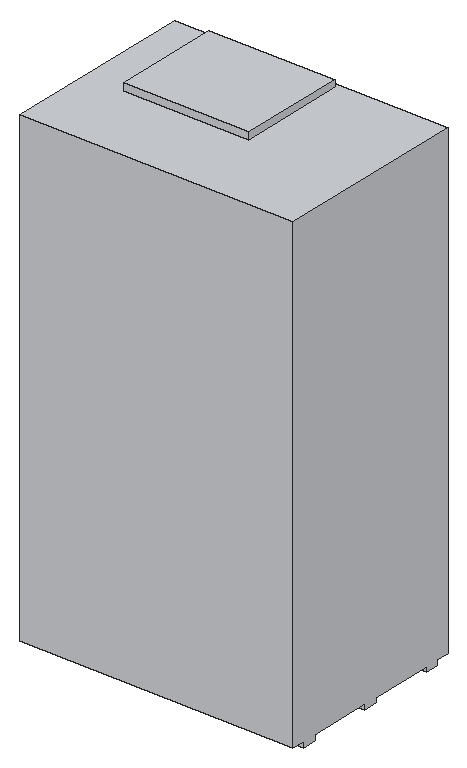
Revit family "b313adf197224071949bd9f50f8b36b5", category Mechanical Equipment, Revit 2021
Family settings
  Round Connector Dimension = Use Radius
  Part Type = Normal
  OmniClass Number = 23.75.10.21.17
  OmniClass Title = Water-Source Heat Pumps
  Seek Item ID = WSHP - Vertical - 6.5-10 Tons - Rear Return - Top Discharge-0000-USA-ENU
  Work Plane-Based = No
  Always vertical = Yes
  Cut with Voids When Loaded = No
  Shared = No
  Room Calculation Point = No
Parameters (values of type "10 Tons")
  Water Supply Radius = 3/4"
  Water Supply Diameter = Water Supply Radius * 2  # 1 1/2"
  Water Return Radius = 3/4"
  Water Return Diameter = Water Return Radius * 2  # 1 1/2"
  Water Pressure Drop [instance] = 13.30 psi
  Water Flow [instance] = 30 GPM
  Voltage = 460 V
  Supply Air Width = 18 205/256"
  Supply Air Height = 16 13/128"
  Return Air Width = 34 205/256"
  Return Air Height = 23 51/128"
  Pump Width = 2' - 5"
  Pump Material = none
  Pump Length = 3' - 5"
  Pump Height = 5' - 11 1/2"
  Number of Poles = 3
  Load Classification = Cooling
  Drain Flow [instance] = 0 GPM
  Default Elevation = 0' - 0"
  Condensate Radius = 1/2"
  Condensate Diameter = Condensate Radius * 2  # 1"
  C6 Offset 2 = 0' - 2 13/128"
  C6 Offset 1 = 0' - 1"
  C5 Offset 2 = 1' - 10 77/128"
  C5 Offset 1 = 0' - 3 13/128"
  C4 Offset 1 = 0' - 5 205/256"
  C3 Offset 1 = 1' - 2 1/2"
  C2 Offset 1 = 0' - 4"
  C1 Offset 2 = 1' - 8 1/2"
  C1 Offset 1 = 0' - 7 51/128"
  Apparent Load = 9890 VA
  External Static Pressure [instance] = 1.50 in-wg
  Air Flow [instance] = 4200 CFM
Types (4): name | Water Pressure Drop | Water Flow | Supply Air Width | Supply Air Height | C4 Offset 1 | Apparent Load | External Static Pressure | Air Flow
  (no name) | 13.30 psi | 30 GPM | 18 205/256" | 16 13/128" | 0' - 5 205/256" | 9890 VA | 1.50 in-wg | 4200 CFM
  6.5 Tons | 8.60 psi | 18 GPM | 14 179/256" | 15 205/256" | 0' - 11 51/256" | 6026 VA | 1.00 in-wg | 2600 CFM
  8.5 Tons | 10.10 psi | 24 GPM | 14 179/256" | 15 205/256" | 0' - 11 51/256" | 8970 VA | 1.50 in-wg | 3500 CFM
  10 Tons | 13.30 psi | 30 GPM | 18 205/256" | 16 13/128" | 0' - 5 205/256" | 9890 VA | 1.50 in-wg | 4200 CFM
Reference planes (in)
  plane 1 "Center (Front/Back)": y = 0
  plane 2: z = 0
  plane 3 "Center (Left/Right)": x = 0
  plane 4: x = 41
  plane 5: y = 29
  plane 6: z = 71.5
  plane 7: z = 0.75
  plane 8: y = 28.25
  plane 9: y = 12.14844
  plane 10: x = 5.80078
  plane 11: x = 24.60156
  plane 12: z = 72.5
  plane 13: z = 21.25
  plane 14: y = 4
  plane 15: y = 7.39844
  plane 16: y = 14.5
  plane 17: z = 2.85156
  plane 18: x = 40
  plane 19: x = -1
  plane 20: y = 14.5
  plane 21: y = 27
  plane 22: y = 25
  plane 23: y = 2
  plane 24: y = 4
  plane 25: y = 15.5
  plane 26: y = 13.5
  plane 27: z = 48.89844
  plane 28: z = 25.5
  plane 29: x = 2.10156
  plane 30: x = 36.90234
  plane 31: y = 30
Forms (in)
  Extrusion 1, solid, material <- "Pump Material"
    sketch origin (0, 0, 0) x (1, 0, 0) y (0, 1, 0)
      loop
        line (0, 29) -> (0, 0) -> (41, 0) -> (41, 29) -> (0, 29)
    from 0.75 to 71.5
  Extrusion 2, solid, material <- "Pump Material"
    sketch origin (0, 0, 0) x (1, 0, 0) y (0, 1, 0)
      loop
        line (5.80078, 28.25) -> (5.80078, 12.14844) -> (24.60156, 12.14844) -> (24.60156, 28.25) -> (5.80078, 28.25)
    from 71.5 to 72.5
  Extrusion 3, solid, material <- "Pump Material"
    sketch origin (0, 0, 0) x (0, 1, 0) y (0, 0, 1)
      loop
        circle (4, 21.25) r 0.75
    from -1 to 0
  Extrusion 4, solid, material <- "Pump Material"
    sketch origin (0, 0, 0) x (0, 1, 0) y (0, 0, 1)
      loop
        circle (7.39844, 21.25) r 0.75
    from -1 to 0
  Extrusion 5, solid, material <- "Pump Material"
    sketch origin (0, 0, 0) x (0, 1, 0) y (0, 0, 1)
      loop
        circle (14.5, 21.25) r 0.5
    from -1 to 0
  Extrusion 6, solid, material <- "Pump Material"
    sketch origin (0, 0, 0) x (1, 0, 0) y (0, 1, 0)
      loop
        line (0, 2) -> (41, 2) -> (41, 4) -> (0, 4) -> (0, 2)
    from 0 to 0.75
  Extrusion 7, solid, material <- "Pump Material"
    sketch origin (0, 0, 0) x (1, 0, 0) y (0, 1, 0)
      loop
        line (0, 27) -> (0, 25) -> (41, 25) -> (41, 27) -> (0, 27)
    from 0 to 0.75
  Extrusion 8, solid, material <- "Pump Material"
    sketch origin (0, 0, 0) x (1, 0, 0) y (0, 1, 0)
      loop
        line (0, 15.5) -> (0, 13.5) -> (41, 13.5) -> (41, 15.5) -> (0, 15.5)
    from 0 to 0.75
  Extrusion 9, solid, material <- "Pump Material"
    sketch origin (0, 0, 0) x (1, 0, 0) y (0, 0, 1)
      loop
        circle (40, 2.85156) r 0.5
    from -1 to 0
  Extrusion 10, solid, material <- "Pump Material"
    sketch origin (0, 0, 0) x (1, 0, 0) y (0, 0, 1)
      loop
        line (2.10156, 48.89844) -> (2.10156, 25.5) -> (36.90234, 25.5) -> (36.90234, 48.89844) -> (2.10156, 48.89844)
    from -30 to -29
Cuts and joins
  joined: Extrusion 1, Extrusion 2, Extrusion 3, Extrusion 4, Extrusion 5, Extrusion 6, Extrusion 7, Extrusion 8, Extrusion 9, Extrusion 10
Dimensions and locks (in)
  locked: plane 7 to level at 0.75
  "Pump Height": plane 6 to level
  "Pump Length": plane 3 "Center (Left/Right)" to plane 4
  "Pump Width": plane 5 to plane 1 "Center (Front/Back)"
  locked: plane 5 to plane 8 at 0.75
  "Supply Air Height": plane 8 to plane 9
  "C4 Offset 1": plane 3 "Center (Left/Right)" to plane 10
  "Supply Air Width": plane 10 to plane 11
  locked: plane 12 to plane 6 at 1
  "C1 Offset 2": plane 13 to plane 7
  "C2 Offset 1": plane 14 to plane 1 "Center (Front/Back)"
  "C1 Offset 1": plane 15 to plane 1 "Center (Front/Back)"
  "C3 Offset 1": plane 16 to plane 1 "Center (Front/Back)"
  "C6 Offset 2": plane 17 to plane 7
  "C6 Offset 1": plane 18 to plane 4
  locked: plane 19 to plane 3 "Center (Left/Right)" at 1
  equal spacing: plane 5, plane 20, plane 1 "Center (Front/Back)"
  locked: plane 5 to plane 21 at 2
  locked: plane 21 to plane 22 at 2
  locked: plane 23 to plane 24 at 2
  locked: plane 1 "Center (Front/Back)" to plane 23 at 2
  locked: plane 25 to plane 26 at 2
  equal spacing: plane 25, plane 20, plane 26
  "C5 Offset 2": plane 6 to plane 27
  "Return Air Height": plane 27 to plane 28
  "C5 Offset 1": plane 29 to plane 19
  "Return Air Width": plane 30 to plane 29
  locked: plane 31 to plane 5 at 1
  "Water Return Radius": radius of Extrusion 3 sketch curve
  "Water Supply Radius": radius of Extrusion 4 sketch curve
  "Condensate Radius": radius of Extrusion 5 sketch curve
  aligned and locked: plane 3 "Center (Left/Right)" to Extrusion 1 sketch curve
  aligned and locked: Extrusion 1 sketch curve to plane 5
  aligned and locked: plane 1 "Center (Front/Back)" to Extrusion 1 sketch curve
  aligned and locked: Extrusion 1 sketch curve to plane 4
  aligned and locked: Extrusion 1 to plane 7
  aligned and locked: plane 6 to Extrusion 1
  aligned and locked: plane 10 to Extrusion 2 sketch curve
  aligned and locked: Extrusion 2 sketch curve to plane 8
  aligned and locked: plane 9 to Extrusion 2 sketch curve
  aligned and locked: Extrusion 2 sketch curve to plane 11
  aligned and locked: plane 12 to Extrusion 2
  aligned and locked: Extrusion 2 to plane 6
  aligned and locked: plane 13 to Extrusion 3 sketch curve
  aligned and locked: plane 14 to Extrusion 3 sketch curve
  aligned and locked: plane 13 to Extrusion 4 sketch curve
  aligned and locked: plane 15 to Extrusion 4 sketch curve
  aligned and locked: plane 13 to Extrusion 5 sketch curve
  aligned and locked: plane 16 to Extrusion 5 sketch curve
  aligned and locked: Extrusion 3 to plane 19
  aligned and locked: plane 3 "Center (Left/Right)" to Extrusion 3
  aligned and locked: Extrusion 4 to Extrusion 3
  aligned and locked: plane 3 "Center (Left/Right)" to Extrusion 4
  aligned and locked: Extrusion 5 to Extrusion 3
  aligned and locked: plane 3 "Center (Left/Right)" to Extrusion 5
  aligned and locked: plane 3 "Center (Left/Right)" to Extrusion 6 sketch curve
  aligned and locked: plane 23 to Extrusion 6 sketch curve
  aligned and locked: plane 14 to Extrusion 6 sketch curve
  aligned and locked: plane 4 to Extrusion 6 sketch curve
  aligned and locked: plane 3 "Center (Left/Right)" to Extrusion 7 sketch curve
  aligned and locked: Extrusion 7 sketch curve to plane 21
  aligned and locked: plane 22 to Extrusion 7 sketch curve
  aligned and locked: Extrusion 7 sketch curve to plane 4
  aligned and locked: Extrusion 6 to Extrusion 1
  aligned and locked: Extrusion 6 to level
  aligned and locked: Extrusion 7 to Extrusion 1
  aligned and locked: Extrusion 7 to level
  aligned and locked: plane 3 "Center (Left/Right)" to Extrusion 8 sketch curve
  aligned and locked: Extrusion 8 sketch curve to plane 25
  aligned and locked: plane 26 to Extrusion 8 sketch curve
  aligned and locked: Extrusion 8 sketch curve to Extrusion 1
  aligned and locked: Extrusion 8 to Extrusion 1
  aligned and locked: Extrusion 8 to level
  aligned and locked: plane 17 to Extrusion 9 sketch curve
  aligned and locked: plane 18 to Extrusion 9 sketch curve
  aligned and locked: plane 1 "Center (Front/Back)" to Extrusion 9
  aligned and locked: plane 29 to Extrusion 10 sketch curve
  aligned and locked: Extrusion 10 sketch curve to plane 27
  aligned and locked: plane 28 to Extrusion 10 sketch curve
  aligned and locked: Extrusion 10 sketch curve to plane 30
  aligned and locked: plane 31 to Extrusion 10
  aligned and locked: Extrusion 10 to plane 5
Automatic sketch dimensions
  radius of Extrusion 9 sketch curve = 0' - 0 1/2"
Connectors (in)
  piping at (-1, 7.39844, 21.25), diameter 1.5, driven by "Water Flow", driven by "Water Supply Radius"
    settings: on Extrusion 4, index 1, connector inside diameter 1 1/2", connector length 0' - 0", flow factor 0, pipe flow 30 GPM, pressure drop 0.00 psi, fitting loss kfactor 0, connector angle 0.00°, fixture units 0, engagement length 0' - 0", angle of deflection 0.00°, flow configuration 1, flow direction 1, fitting loss method 4, system type 7, joint type 0, gender type 0, connector reference index 2, connector utility 0, adjustable connector no, is connector primary yes, connector description "Water Supply In"
  piping at (-1, 4, 21.25), diameter 1.5, driven by "Water Flow", driven by "Water Pressure Drop", driven by "Water Return Radius"
    settings: on Extrusion 3, index 2, connector inside diameter 1 1/2", connector length 0' - 0", flow factor 0, pipe flow 30 GPM, pressure drop 13.30 psi, fitting loss kfactor 0, connector angle 0.00°, fixture units 0, engagement length 0' - 0", angle of deflection 0.00°, flow configuration 1, flow direction 2, fitting loss method 4, system type 8, joint type 0, gender type 0, connector reference index 1, connector utility 0, adjustable connector no, is connector primary no, connector description "Water Return Out"
  piping at (-1, 14.5, 21.25), diameter 1, driven by "Condensate Radius", driven by "Drain Flow"
    settings: on Extrusion 5, index 3, connector inside diameter 1", connector length 0' - 0", flow factor 0, pipe flow 0 GPM, pressure drop 0.00 psi, fitting loss kfactor 0, connector angle 0.00°, fixture units 0, engagement length 0' - 0", angle of deflection 0.00°, flow configuration 1, flow direction 2, fitting loss method 0, system type 16, joint type 0, gender type 0, connector reference index -1, connector utility 0, adjustable connector yes, is connector primary no, connector description "Condensate Out"
  hvac at (15.20117, 20.19922, 72.5), driven by "Air Flow", driven by "Supply Air Height", driven by "Supply Air Width"
    settings: on Extrusion 2, index 4, duct flow 4200 CFM, flow factor 0, pres drop 0.00 in-wg, loss coef 0, conn angle 0.00°, conn width 18 205/256", conn height 16 13/128", conn diameter 24", duct sys type 1, conn prof type 1, flow config 0, flow direction 2, loss method 0, conn ref index 5, conn util no, is conn primary yes, conn desc ""
  hvac at (19.50195, 30, 37.19922), driven by "Air Flow", driven by "Return Air Height", driven by "Return Air Width"
    settings: on Extrusion 10, index 5, duct flow 4200 CFM, flow factor 0, pres drop 0.00 in-wg, loss coef 0, conn angle 0.00°, conn width 34 205/256", conn height 23 51/128", conn diameter 24", duct sys type 2, conn prof type 1, flow config 0, flow direction 1, loss method 0, conn ref index 4, conn util no, is conn primary no, conn desc ""
  electrical at (40, 0, 2.85156), driven by "Apparent Load", driven by "Voltage", driven by "Number of Poles", driven by "Load Classification"
    settings: on Extrusion 9, index 6, voltage 460 V, apparent load 9890 VA, apparent load phase1 0 VA, apparent load phase2 0 VA, apparent load phase3 0 VA, power factor 0.8, load classification "Cooling", number of poles 3, system type 30, power factor state 1, is connector primary yes, connector utility no, sub classification motor no, connector description ""
